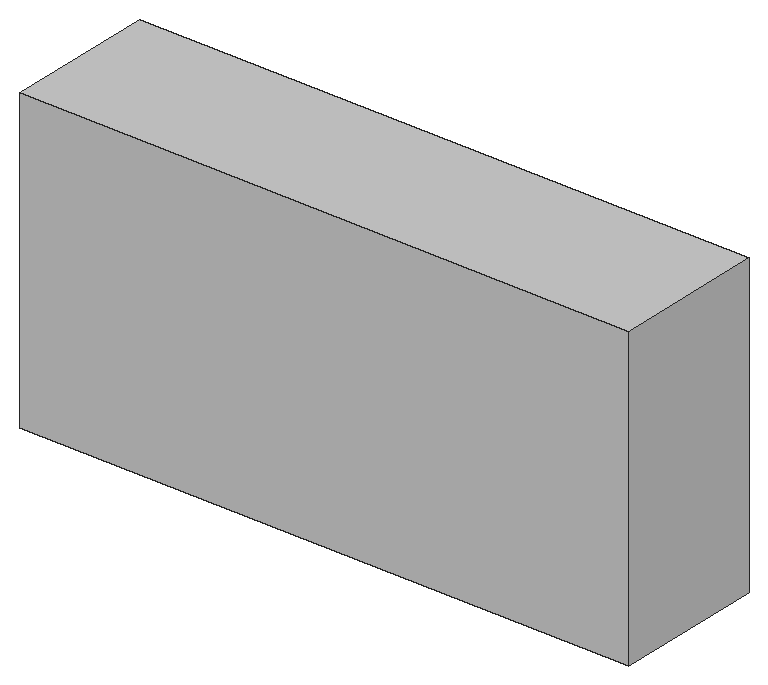
Revit family "StructureBeam", category 结构框架, Revit 2018
Family settings
  显示在隐藏视图中 = 被其他构件隐藏的边缘
  结构框架长度舍入 = 0 mm
  横断面形状 = 矩形
  用于模型行为的材质 = 混凝土
  始终导出为几何图形 = 否
  总是垂直 = 是
  加载时剪切的空心 = 否
  符号表示法 = 从族
  共享 = 否
  在平面视图中显示族的预剪切 = 是
Parameters (values of type "300 x 600mm")
  Structural Material [instance] = 混凝土 - 现场浇注混凝土
  Assembly Code = ""
  Length [instance] = 1524 mm
  b [instance] = 300 mm
  h [instance] = 600 mm
Types (3, lengths in mm): name | Structural Material | b | h
  400 x 800mm | none | 400 | 800
  300 x 600mm | 混凝土 - 现场浇注混凝土 | 300 | 600
  KL13 | none | 350 | 700
Reference planes
  plane 1 "中心(前/后)": y = 0
  plane 2: z = 0
  plane 3 "中心(左/右)": x = 4.61
  plane 4 "左构件": x = -604.99
  plane 5 "右构件": x = 614.21
  plane 6: y = 150
  plane 7: y = -150
  plane 8: z = 300
  plane 9 "底": z = -300
  plane 10 "左": x = -757.39
  plane 11 "右": x = 766.61
Forms (mm)
  Sweep 1, solid, material "混凝土 - 现场浇注混凝土" <- "Structural Material"
    path origin (0, 0, 0) x (1, 0, 0) y (0, 1, 0)
      loop
        line (614.21, 0) -> (-604.99, 0)
    profile "M_矩形梁 - 轮廓 : M_矩形梁 - 轮廓" origin (4.61, 0, 0) x (0, -1, 0) y (0, 0, 1)
      loop
        line (-150, -300) -> (150, -300) -> (150, 300) -> (-150, 300) -> (-150, -300)
Dimensions and locks
  "b": plane 6 to plane 7
  equal spacing: plane 9 "底", plane 2, plane 8
  equal spacing: plane 6, plane 1 "中心(前/后)", plane 7
  "h": plane 9 "底" to plane 8
  "Length": plane 10 "左" to plane 11 "右"
  aligned and locked: Sweep 1 sketch curve to plane 1 "中心(前/后)"
  aligned and locked: plane 4 "左构件" to Sweep 1 sketch curve
  aligned and locked: plane 5 "右构件" to Sweep 1 sketch curve
